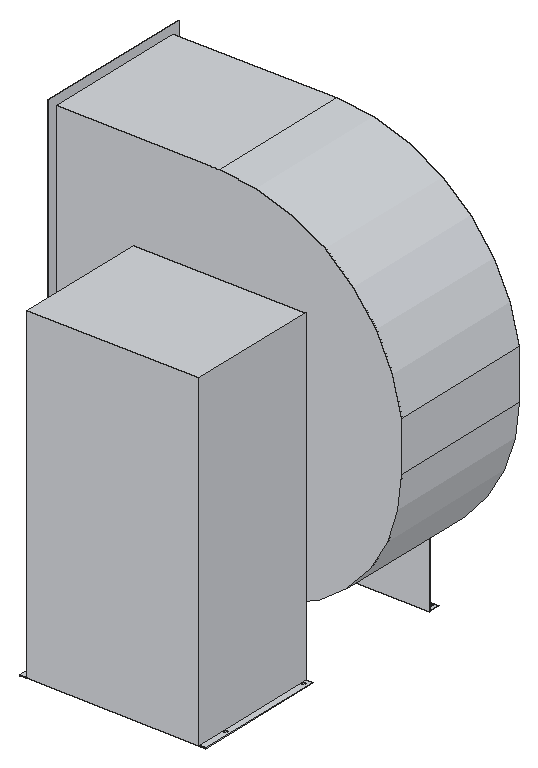
Revit family "CPA-A", category Mechanical Equipment, Revit 2019
Family settings
  Round Connector Dimension = Use Radius
  Part Type = Normal
  Work Plane-Based = No
  Always vertical = Yes
  Cut with Voids When Loaded = No
  Shared = No
  Room Calculation Point = No
Parameters (values of type "490-CPA-A")
  Z = 20 3/8"
  Y = 22 13/16"
  X = 57 7/8"
  W+M = W + M  # 34 3/16"
  W+1.5+K+L = W + 1 1/2" + K + L  # 73 1/2"
  W+1.5 = W + 1 1/2"  # 7 1/2"
  W = 6"
  V = 22"
  Unit Weight [instance] = ""
  UNCHECK = not(CHECK)  # no
  UBD_CW [instance] = if(CW, (if(UBD, CHECK, UNCHECK)), UNCHECK)  # no
  UBD_CCW [instance] = if(CCW, (if(UBD, CHECK, UNCHECK)), UNCHECK)  # no
  UBD [instance] = no
  U-.125 = U - 1/8"  # 2"
  U = 2 1/8"
  THD_CW [instance] = if(CW, (if(THD, CHECK, UNCHECK)), UNCHECK)  # no
  THD_CCW [instance] = if(CCW, (if(THD, CHECK, UNCHECK)), UNCHECK)  # yes
  THD [instance] = yes
  TAU_CW [instance] = if(CW, (if(TAU, CHECK, UNCHECK)), UNCHECK)  # no
  TAU_CCW [instance] = if(CCW, (if(TAU, CHECK, UNCHECK)), UNCHECK)  # no
  TAU [instance] = no
  TAD_CW [instance] = if(CW, (if(TAD, CHECK, UNCHECK)), UNCHECK)  # no
  TAD_CCW [instance] = if(CCW, (if(TAD, CHECK, UNCHECK)), UNCHECK)  # no
  TAD [instance] = no
  T = 1"
  Sones [instance] = ""
  S/2 = S / 2  # 13/32"
  S = 13/16"
  R = 2 7/16"
  Q = 5"
  P-U = P - U  # 109 3/8"
  P = 111 1/2"
  N = 40 3/16"
  Motor RPM [instance] = ""
  Motor Enclosure [instance] = ""
  ModelID [instance] = ""
  M = 28 3/16"
  LwA [instance] = ""
  L = 41"
  K = 25"
  J = 41 5/8"
  H = 84 1/4"
  G-V = G - V  # 1 13/16"
  G = 23 13/16"
  Fan RPM [instance] = ""
  F-.125 = F - 1/8"  # 42 1/16"
  F = 42 3/16"
  E-F = E - F  # 46 9/16"
  E = 88 3/4"
  DBD_CW [instance] = if(CW, (if(DBD, CHECK, UNCHECK)), UNCHECK)  # no
  DBD_CCW [instance] = if(CCW, (if(DBD, CHECK, UNCHECK)), UNCHECK)  # no
  DBD [instance] = no
  D = 56 1/4"
  CW [instance] = no
  CLASS = 1"
  CHECK = yes
  CCW [instance] = not(CW)  # yes
  C/8*7 = C / 8 * 2.5  # 17 3/16"
  C/8 = C / 6  # 9.16667"
  C/2 = C / 2  # 27 1/2"
  C = 55"
  Brake Hp [instance] = ""
  BHD_CW [instance] = if(CW, (if(BHD, CHECK, UNCHECK)), UNCHECK)  # no
  BHD_CCW [instance] = if(CCW, (if(BHD, CHECK, UNCHECK)), UNCHECK)  # no
  BHD [instance] = no
  BAU_CW [instance] = if(CW, (if(BAU, CHECK, UNCHECK)), UNCHECK)  # no
  BAU_CCW [instance] = if(CCW, (if(BAU, CHECK, UNCHECK)), UNCHECK)  # no
  BAU [instance] = no
  BAD_CW [instance] = if(CW, (if(BAD, CHECK, UNCHECK)), UNCHECK)  # no
  BAD_CCW [instance] = if(CCW, (if(BAD, CHECK, UNCHECK)), UNCHECK)  # no
  BAD [instance] = no
  B = 53 5/8"
  Accessories [instance] = ""
  A+.25 = A + 1/4"  # 37 7/16"
  A = 37 3/16"
  CUT = 4"
  3" = 3"  # constant formula
  1'8" = 20"  # constant formula
  0 = 0"  # constant formula
  Voltage [instance] = 0 V
  URL = "www.lorencook.com"
  Type Comments = "Airfoil Blade Centrifugal Blower Arrangement 10"
  Static Pressure [instance] = 0.00 in-wg
  Power [instance] = Voltage * Motor FLA * sqrt(if(Phase = 3, 3, 1))  # 0 VA
  Phase [instance] = 0
  Number of Poles [instance] = 1
  Motor Hp [instance] = "0"
  Motor FLA [instance] = 0 A
  Model = "CPA-A"
  Manufacturer = "Loren Cook Company"
  CFM [instance] = 0 CFM
  1.5 = 1 1/2"  # constant formula
  ONE EIGTH = 1/8"  # constant formula
  -1.5 = -1 1/2"  # constant formula
  -.125 = -1/8"  # constant formula
  -(A+.25) = -(A + 1/4")  # -37 7/16"
  (C/2)-1.5 = (C / 2) - 1 1/2"  # 26"
  (C/2)-.25 = (C / 2) - 1/4"  # 27 1/4"
Types (17): name | Z | Y | X | W+M | W+1.5+K+L | W+1.5 | W | V | U-.125 | U | THD_CW | THD_CCW | T | S/2 | S | R | Q | P-U | P | N | M | L | K | J | H | G-V | G | F-.125 | F | E-F | E | D | CW | CCW | C/8*7 | C/8 | C/2 | C | B | A+.25 | A | CUT | Type Comments | Model | -(A+.25) | (C/2)-1.5 | (C/2)-.25
  (no name) | 20 3/8" | 22 13/16" | 57 7/8" | 34 3/16" | 73 1/2" | 7 1/2" | 6" | 22" | 2" | 2 1/8" | no | yes | 1" | 13/32" | 13/16" | 2 7/16" | 5" | 109 3/8" | 111 1/2" | 40 3/16" | 28 3/16" | 41" | 25" | 41 5/8" | 84 1/4" | 1 13/16" | 23 13/16" | 42 1/16" | 42 3/16" | 46 9/16" | 88 3/4" | 56 1/4" | no | yes | 17 3/16" | 9.16667" | 27 1/2" | 55" | 53 5/8" | 37 7/16" | 37 3/16" | 4" | "Airfoil Blade Centrifugal Blower Arrangement 10" | "CPA-A" | -37 7/16" | 26" | 27 1/4"
  135-CPA-A | 6" | 8 5/8" | 17 15/16" | 19 1/8" | 30 1/2" | 5 1/2" | 4" | 8" | 1 1/2" | 1 5/8" | yes | no | 3/4" | 9/32" | 9/16" | 1" | 3" | 32 9/16" | 34 3/16" | 12 1/8" | 15 1/8" | 13" | 12" | 13 1/2" | 27" | 1 3/8" | 9 3/8" | 13 3/4" | 13 7/8" | 12 13/16" | 26 11/16" | 18" | yes | no | 5 65/128" | 2 15/16" | 8 13/16" | 17 5/8" | 14 3/4" | 10 9/16" | 10 5/16" | 2" | "Steel Flat Blade Centrifugal Blower Arrangement 10 Class 1" | "CPS_CLASS_1" | -10 9/16" | 7 5/16" | 8 9/16"
  150-CPA-A | 6 9/16" | 8 5/8" | 19 5/8" | 19 1/8" | 31 5/8" | 5 1/2" | 4" | 8" | 1 1/2" | 1 5/8" | yes | no | 3/4" | 9/32" | 9/16" | 1" | 3" | 35 1/2" | 37 1/8" | 13 1/4" | 15 1/8" | 14 1/8" | 12" | 14 5/8" | 29 1/16" | 1 3/8" | 9 3/8" | 15 3/16" | 15 5/16" | 14 1/4" | 29 9/16" | 19 1/16" | yes | no | 5 125/128" | 3 3/16" | 9 9/16" | 19 1/8" | 16 7/16" | 11 11/16" | 11 7/16" | 2" | "Steel Flat Blade Centrifugal Blower Arrangement 10 Class 1" | "CPS_CLASS_1" | -11 11/16" | 8 1/16" | 9 5/16"
  165-CPA-A | 7 3/16" | 8 5/8" | 21 1/4" | 19 1/8" | 32 13/16" | 5 1/2" | 4" | 8" | 1 1/2" | 1 5/8" | yes | no | 3/4" | 9/32" | 9/16" | 1" | 3" | 38 1/4" | 39 7/8" | 14 7/16" | 15 1/8" | 15 5/16" | 12" | 15 13/16" | 31 7/16" | 1 3/8" | 9 3/8" | 16 1/4" | 16 3/8" | 15 11/16" | 32 1/16" | 20 7/16" | yes | no | 6 159/256" | 3 17/32" | 10 19/32" | 21 3/16" | 18 1/16" | 12 7/8" | 12 5/8" | 2" | "Steel Flat Blade Centrifugal Blower Arrangement 10 Class 1" | "CPS_CLASS_1" | -12 7/8" | 9 3/32" | 10 11/32"
  180-CPA-A | 7 3/4" | 9 5/8" | 22 7/8" | 19 1/8" | 33 15/16" | 5 1/2" | 4" | 9" | 1 1/2" | 1 5/8" | yes | no | 3/4" | 9/32" | 9/16" | 1 3/16" | 3" | 41 1/2" | 43 1/8" | 15 9/16" | 15 1/8" | 16 7/16" | 12" | 16 15/16" | 33 9/16" | 1 3/8" | 10 3/8" | 17 1/2" | 17 5/8" | 17 1/8" | 34 3/4" | 22 1/16" | yes | no | 7 23/256" | 3 25/32" | 11 11/32" | 22 11/16" | 19 11/16" | 14" | 13 3/4" | 2" | "Steel Flat Blade Centrifugal Blower Arrangement 10 Class 1" | "CPS_CLASS_1" | -14" | 9 27/32" | 11 3/32"
  195-CPA-A | 8 5/16" | 9 5/8" | 24 1/2" | 22 1/8" | 38 1/8" | 5 1/2" | 4" | 9" | 1 1/2" | 1 5/8" | yes | no | 3/4" | 9/32" | 9/16" | 1 3/16" | 3" | 44 3/4" | 46 3/8" | 16 3/4" | 18 1/8" | 17 5/8" | 15" | 18 3/16" | 35 11/16" | 1 3/8" | 10 3/8" | 17 11/16" | 17 13/16" | 18 1/2" | 36 5/16" | 23 11/16" | yes | no | 7 143/256" | 4 1/32" | 12 3/32" | 24 3/16" | 21 5/16" | 15 3/16" | 14 15/16" | 2" | "Steel Flat Blade Centrifugal Blower Arrangement 10 Class 1" | "CPS_CLASS_1" | -15 3/16" | 10 19/32" | 11 27/32"
  210-CPA-A | 8 7/8" | 10 5/8" | 26 3/16" | 23 1/8" | 40 1/4" | 6 1/2" | 5" | 10" | 1 1/2" | 1 5/8" | yes | no | 3/4" | 9/32" | 9/16" | 1 7/16" | 4" | 48 1/8" | 49 3/4" | 17 7/8" | 18 1/8" | 18 3/4" | 15" | 19 5/16" | 38 7/8" | 1 3/8" | 11 3/8" | 19 7/8" | 20" | 19 15/16" | 39 15/16" | 25 3/8" | yes | no | 8 27/256" | 4.32292" | 12 31/32" | 25 15/16" | 23" | 16 5/16" | 16 1/16" | 2" | "Steel Flat Blade Centrifugal Blower Arrangement 10 Class 1" | "CPS_CLASS_1" | -16 5/16" | 11 15/32" | 12 23/32"
  225-CPA-A | 9 7/16" | 11 1/8" | 27 13/16" | 23 1/8" | 41 3/8" | 6 1/2" | 5" | 10 1/2" | 1 1/2" | 1 5/8" | yes | no | 3/4" | 9/32" | 9/16" | 1 7/16" | 4" | 51 3/8" | 53" | 19" | 18 1/8" | 19 7/8" | 15" | 20 7/16" | 41" | 1 3/8" | 11 7/8" | 20 1/2" | 20 5/8" | 21 3/8" | 42" | 27" | yes | no | 8 147/256" | 4.57292" | 13 23/32" | 27 7/16" | 24 5/8" | 17 7/16" | 17 3/16" | 2" | "Steel Flat Blade Centrifugal Blower Arrangement 10 Class 1" | "CPS_CLASS_1" | -17 7/16" | 12 7/32" | 13 15/32"
  245-CPA-A | 10 1/2" | 12 3/8" | 31" | 23 1/8" | 43 3/16" | 6 1/2" | 5" | 11 1/2" | 2" | 2 1/8" | yes | no | 1" | 11/32" | 11/16" | 1 11/16" | 4" | 56 1/8" | 58 1/4" | 21 1/16" | 18 1/8" | 21 11/16" | 15" | 23" | 44 5/8" | 1 7/8" | 13 3/8" | 21 5/8" | 21 3/4" | 23 5/16" | 45 1/16" | 29 5/8" | yes | no | 9 51/256" | 4 29/32" | 14 23/32" | 29 7/16" | 26 13/16" | 19" | 18 3/4" | 2" | "Steel Flat Blade Centrifugal Blower Arrangement 10 Class 1" | "CPS_CLASS_1" | -19" | 13 7/32" | 14 15/32"
  270-CPA-A | 11 7/16" | 13 3/8" | 33 3/4" | 26 1/8" | 48 1/16" | 6 1/2" | 5" | 12 1/2" | 2" | 2 1/8" | yes | no | 1" | 11/32" | 11/16" | 1 11/16" | 4" | 61 5/8" | 63 3/4" | 22 15/16" | 21 1/8" | 23 9/16" | 18" | 24 7/8" | 48 7/8" | 1 7/8" | 14 3/8" | 23 1/4" | 23 3/8" | 25 11/16" | 49 1/16" | 32 3/8" | yes | no | 9 251/256" | 5.32292" | 15 31/32" | 31 15/16" | 29 9/16" | 20 7/8" | 20 5/8" | 2 1/4" | "Steel Flat Blade Centrifugal Blower Arrangement 10 Class 1" | "CPS_CLASS_1" | -20 7/8" | 14 15/32" | 15 23/32"
  300-CPA-A | 12 5/8" | 14 5/16" | 37" | 26 3/16" | 50 1/2" | 6 1/2" | 5" | 13 1/2" | 2" | 2 1/8" | yes | no | 1" | 11/32" | 11/16" | 1 15/16" | 4" | 69 1/8" | 71 1/4" | 25 5/16" | 21 3/16" | 26" | 18" | 27 3/16" | 53 5/8" | 1 13/16" | 15 5/16" | 25 3/4" | 25 7/8" | 28 1/2" | 54 3/8" | 35 5/8" | yes | no | 10 235/256" | 5.82292" | 17 15/32" | 34 15/16" | 32 13/16" | 23 3/16" | 22 15/16" | 2 1/2" | "Steel Flat Blade Centrifugal Blower Arrangement 10 Class 1" | "CPS_CLASS_1" | -23 3/16" | 15 31/32" | 17 7/32"
  330-CPA-A | 13 3/4" | 15 13/16" | 40 5/16" | 26 3/16" | 52 13/16" | 6 1/2" | 5" | 15" | 2" | 2 1/8" | yes | no | 1" | 13/32" | 13/16" | 1 15/16" | 4" | 74 5/8" | 76 3/4" | 27 5/8" | 21 3/16" | 28 5/16" | 18" | 29 7/16" | 58 3/8" | 1 13/16" | 16 13/16" | 28 5/16" | 28 7/16" | 31 3/8" | 59 13/16" | 38 7/8" | yes | no | 11 219/256" | 6.32292" | 18 31/32" | 37 15/16" | 36 1/8" | 25 1/2" | 25 1/4" | 2 3/4" | "Steel Flat Blade Centrifugal Blower Arrangement 10 Class 1" | "CPS_CLASS_1" | -25 1/2" | 17 15/32" | 18 23/32"
  365-CPA-A | 15 1/16" | 16 13/16" | 44 3/16" | 30 3/16" | 59 7/16" | 7 1/2" | 6" | 16" | 2" | 2 1/8" | yes | no | 1" | 13/32" | 13/16" | 2 3/16" | 5" | 82 3/8" | 84 1/2" | 30 1/4" | 24 3/16" | 30 15/16" | 21" | 32 1/16" | 64 1/4" | 1 13/16" | 17 13/16" | 31 5/16" | 31 7/16" | 34 11/16" | 66 1/8" | 42 3/4" | yes | no | 12 243/256" | 6 29/32" | 20 23/32" | 41 7/16" | 39 15/16" | 28 1/8" | 27 7/8" | 3" | "Steel Flat Blade Centrifugal Blower Arrangement 10 Class 1" | "CPS_CLASS_1" | -28 1/8" | 19 7/32" | 20 15/32"
  402-CPA-A | 17" | 18 13/16" | 48 5/16" | 30 3/16" | 62 13/16" | 7 1/2" | 6" | 18" | 2" | 2 1/8" | yes | no | 1" | 13/32" | 13/16" | 2 3/16" | 5" | 90 3/8" | 92 1/2" | 34 1/8" | 24 3/16" | 34 5/16" | 21" | 34 15/16" | 70 1/4" | 1 13/16" | 19 13/16" | 34 9/16" | 34 11/16" | 38 1/4" | 72 15/16" | 46 3/4" | yes | no | 14 31/256" | 7 17/32" | 22 19/32" | 45 3/16" | 44 1/16" | 31" | 30 3/4" | 3 1/4" | "Steel Flat Blade Centrifugal Blower Arrangement 10 Class 1" | "CPS_CLASS_1" | -31" | 21 3/32" | 22 11/32"
  445-CPA-A | 18 5/8" | 20 13/16" | 52 15/16" | 34 3/16" | 70 1/16" | 7 1/2" | 6" | 20" | 2" | 2 1/8" | yes | no | 1" | 13/32" | 13/16" | 2 7/16" | 5" | 99 5/8" | 101 3/4" | 37 3/8" | 28 3/16" | 37 9/16" | 25" | 38 3/16" | 76 7/8" | 1 13/16" | 21 13/16" | 38 3/16" | 38 5/16" | 42 1/4" | 80 9/16" | 51 3/8" | yes | no | 15 115/256" | 8.23958" | 24 23/32" | 49 7/16" | 48 11/16" | 34 1/4" | 34" | 3 1/2" | "Aluminum Flat Blade Centrifugal Blower Arrangement 10" | "CPS-A" | -34 1/4" | 23 7/32" | 24 15/32"
  490-CPA-A | 20 3/8" | 22 13/16" | 57 7/8" | 34 3/16" | 73 1/2" | 7 1/2" | 6" | 22" | 2" | 2 1/8" | no | yes | 1" | 13/32" | 13/16" | 2 7/16" | 5" | 109 3/8" | 111 1/2" | 40 3/16" | 28 3/16" | 41" | 25" | 41 5/8" | 84 1/4" | 1 13/16" | 23 13/16" | 42 1/16" | 42 3/16" | 46 9/16" | 88 3/4" | 56 1/4" | no | yes | 17 3/16" | 9.16667" | 27 1/2" | 55" | 53 5/8" | 37 7/16" | 37 3/16" | 4" | "Airfoil Blade Centrifugal Blower Arrangement 10" | "CPA-A" | -37 7/16" | 26" | 27 1/4"
  120-CPA-A | 5 7/16" | 8 5/8" | 16 5/16" | 17 1/8" | 27 3/8" | 5 1/2" | 4" | 8" | 1 1/2" | 1 5/8" | yes | no | 3/4" | 9/32" | 9/16" | 1" | 3" | 30 15/16" | 32 9/16" | 11" | 13 1/8" | 11 7/8" | 10" | 12 3/8" | 26 1/4" | 1 3/8" | 9 3/8" | 13 1/4" | 13 3/8" | 11 7/16" | 24 13/16" | 18" | yes | no | 5 5/128" | 2 11/16" | 8 1/16" | 16 1/8" | 13 1/8" | 9 7/16" | 9 3/16" | 2 1/2" | "Steel Flat Blade Centrifugal Blower Arrangement 10 Class 1" | "CPS_CLASS_1" | -9 7/16" | 6 9/16" | 7 13/16"
Reference planes (in)
  plane 1 "Center (Front/Back)": y = 0
  plane 2: z = 0
  plane 3 "Center (Left/Right)": x = 0.40541
  plane 4: z = 56.25
Forms (in)
  Extrusion 1, solid
    sketch origin (0, 0, 0) x (1, 0, 0) y (0, 1, 0)
      loop
        line (-21.59459, 0) -> (-21.59459, -34.1875) -> (22.40541, -34.1875) -> (22.40541, 0) -> (-21.59459, 0)
    from 0 to 84.25 <- "H"
  Extrusion 2, solid
    sketch origin (0, 0, 0) x (1, 0, 0) y (0, 1, 0)
      loop
        line (-21.59459, 0) -> (-23.40709, 0) -> (-23.40709, -34.1875) -> (-21.59459, -34.1875) -> (-21.59459, 0)
      loop
        line (22.40541, 0) -> (22.40541, -34.1875) -> (24.21791, -34.1875) -> (24.21791, 0) -> (22.40541, 0)
    from 0 to 0.125 <- "ONE EIGTH"
  Extrusion 3, solid
    sketch origin (0, 0, 0) x (1, 0, 0) y (0, 1, 0)
      loop
        line (-23.40709, 40.1875) -> (-23.40709, 37.4375) -> (24.21791, 37.4375) -> (24.21791, 40.1875) -> (-23.40709, 40.1875)
    from 0 to 0.125 <- "ONE EIGTH"
  Extrusion 4, solid
    sketch origin (24.21791, 37.4375, 0) x (-1, 0, 0) y (0, 0, -1)
      loop
        line (47.625, 0) -> (0, 0) -> (0, -56.25) -> (47.625, -56.25) -> (47.625, 0)
    from 0 to 0.125 <- "ONE EIGTH"
  Extrusion 5, void
    sketch origin (24.21791, 37.4375, 0) x (1, 0, 0) y (0, 0, -1)
      loop
        circle (-23.8125, -56.25) r 27.5
    from -0.125 <- "-.125" to 0 <- "0"
  Extrusion 6, void
    sketch origin (0, 0, 0) x (1, 0, 0) y (0, 1, 0)
      loop
        circle (23.21791, -1.6875) r 0.40625
      loop
        circle (23.21791, -26.6875) r 0.40625
      loop
        circle (-22.40709, -26.6875) r 0.40625
      loop
        circle (-22.40709, -1.6875) r 0.40625
    from -12 to 12
  Extrusion 7, void
    sketch origin (0, 0, 0) x (1, 0, 0) y (0, 1, 0)
      loop
        circle (23.21791, 39.3125) r 0.40625
      loop
        circle (-22.40709, 39.3125) r 0.40625
    from -0.125 <- "-.125" to 0.125 <- "ONE EIGTH"
  Extrusion 8, solid
    sketch origin (24.21791, 37.3125, 0) x (-1, 0, 0) y (0, 0, -1)
      loop
        circle (23.8125, -56.25) r 27.5
      loop
        circle (23.8125, -56.25) r 27.25
    from 0 to -1.5 <- "-1.5"
Cuts and joins
  Extrusion 5, Extrusion 7 cuts Extrusion 4
  Extrusion 6 cuts Extrusion 1
  Extrusion 6 cuts Extrusion 2
  Extrusion 7 cuts Extrusion 3
Lines and regions (in)
  reference lines, not visible
    curve 1: line (0.40541, 57, 56.25) -> (0.40541, -58, 56.25)
Dimensions and locks (in)
  "0": Extrusion 1 sketch curve to plane 1 "Center (Front/Back)"
  "W+M": plane 1 "Center (Front/Back)" to Extrusion 1 sketch curve
  "V": plane 3 "Center (Left/Right)" to Extrusion 1 sketch curve
  "V": Extrusion 1 sketch curve to plane 3 "Center (Left/Right)"
  "0": Extrusion 2 sketch curve to plane 1 "Center (Front/Back)"  (x2)
  "0": Extrusion 1 to Extrusion 2 sketch curve  (x2)
  "0": Extrusion 2 sketch curve to Extrusion 1  (x2)
  "G-V": Extrusion 2 sketch curve to Extrusion 2 sketch curve  (x2)
  "N": plane 1 "Center (Front/Back)" to Extrusion 3 sketch curve
  "A+.25": Extrusion 3 sketch curve to plane 1 "Center (Front/Back)"
  "0": Extrusion 2 to Extrusion 3 sketch curve  (x2)
  "0": Extrusion 1 to Extrusion 4 sketch curve
  "D": Extrusion 4 sketch curve to Extrusion 4 sketch curve
  "0": Extrusion 4 sketch curve to Extrusion 2  (x2)
  "D": Extrusion 1 to Extrusion 5 sketch curve
  "V": Extrusion 1 to Extrusion 5 sketch curve
  "Y": plane 3 "Center (Left/Right)" to Extrusion 6 sketch curve  (x2)
  "Y": Extrusion 6 sketch curve to plane 3 "Center (Left/Right)"  (x2)
  "W+1.5": Extrusion 1 to Extrusion 6 sketch curve  (x2)
  "K": Extrusion 6 sketch curve to Extrusion 6 sketch curve  (x2)
  "W+1.5+K+L": cut or joined group of Extrusion 1, Extrusion 6 to Extrusion 7 sketch curve  (x2)
  "V": cut or joined group of Extrusion 1, Extrusion 6 to Extrusion 8 sketch curve  (x2)
  "D": Extrusion 8 sketch curve to cut or joined group of Extrusion 1, Extrusion 6  (x2)
  "T": Extrusion 7 sketch curve to cut or joined group of Extrusion 3, Extrusion 7
  "T": cut or joined group of Extrusion 3, Extrusion 7 to Extrusion 7 sketch curve
  "D": plane 4 to level
  "C/2": radius of Extrusion 5 sketch curve
  "S/2": radius of Extrusion 6 sketch curve  (x4)
  "S/2": radius of Extrusion 7 sketch curve  (x2)
  "C/2": radius of Extrusion 8 sketch curve
  "(C/2)-.25": radius of Extrusion 8 sketch curve
  aligned and locked: nested 1 to plane 1 "Center (Front/Back)"
  aligned and locked: curve 1 to plane 4
  aligned and locked: plane 3 "Center (Left/Right)" to nested 8
  aligned and locked: nested 8 to plane 4
  aligned and locked: plane 3 "Center (Left/Right)" to nested 3
  aligned and locked: nested 3 to nested 8
  aligned and locked: nested 8 to nested 7
  aligned and locked: nested 7 to plane 3 "Center (Left/Right)"
  aligned and locked: nested 5 to nested 8
  aligned and locked: nested 5 to plane 3 "Center (Left/Right)"
  aligned and locked: nested 1 to nested 8
  aligned and locked: nested 1 to nested 7
  aligned and locked: nested 2 to nested 1
  aligned and locked: nested 2 to nested 3
  aligned and locked: nested 2 to nested 5
  aligned and locked: nested 2 to nested 4
  aligned and locked: nested 1 to nested 6
  aligned and locked: plane 1 "Center (Front/Back)" to nested 12
  aligned and locked: nested 11 to plane 1 "Center (Front/Back)"
  aligned and locked: plane 1 "Center (Front/Back)" to nested 10
  aligned and locked: plane 1 "Center (Front/Back)" to nested 16
  aligned and locked: plane 1 "Center (Front/Back)" to nested 15
  aligned and locked: plane 1 "Center (Front/Back)" to nested 9
  aligned and locked: plane 1 "Center (Front/Back)" to nested 14
  aligned and locked: plane 1 "Center (Front/Back)" to nested 13
  aligned and locked: nested 12 to plane 4
  aligned and locked: plane 3 "Center (Left/Right)" to nested 12
  aligned and locked: nested 12 to nested 13
  aligned and locked: nested 13 to plane 3 "Center (Left/Right)"
  aligned and locked: nested 16 to nested 12
  aligned and locked: plane 3 "Center (Left/Right)" to nested 16
  aligned and locked: nested 9 to nested 12
  aligned and locked: nested 9 to plane 3 "Center (Left/Right)"
  aligned and locked: nested 15 to curve 1  (x2)
  aligned and locked: nested 1 to curve 1  (x2)
  aligned and locked: nested 2 to curve 1  (x2)
  aligned and locked: nested 4 to curve 1  (x2)
  aligned and locked: nested 6 to curve 1  (x2)
  aligned and locked: nested 14 to curve 1  (x2)
  aligned and locked: nested 10 to curve 1  (x2)
  aligned and locked: nested 11 to curve 1  (x2)
Automatic sketch dimensions
  plane 1 "Center (Front/Back)" to curve 1 = 58"
  curve 1 to plane 1 "Center (Front/Back)" = 57"
Nested families (in)
  nested 1: "CP_Scroll_Housing" at (-39.65601, 0, 16.76191) x (0.7071, 0, -0.7071) z (0.7071, 0, 0.7071), visible <- "TAD_CW", type "Scroll"
    with Voltage 0 V, Unit Weight "", Static Pressure 0.00 in-wg, Sones "", Power 0 VA, Phase 0, Number of Poles 1, Motor RPM "", Motor Hp "0", Motor FLA 0 A, Motor Enclosure "", ModelID "", LwA "", Fan RPM "", CFM 0 CFM, Brake Hp "", Accessories "", Z 20 3/8", Y 22 13/16", X 57 7/8", W+M 34 3/16", W+1.5+K+L 73 1/2", V 22", P-U 109 3/8", P 111 1/2", N 40 3/16", M 28 3/16", L 41", K 25", J 41 5/8", H 84 1/4", G 23 13/16", F-.125 42 1/16", F 42 3/16", E-F 46 9/16", E 88 3/4", D 56 1/4", CLASS 1", C/8*7 17 3/16", C/8 9.16667", C/2 27 1/2", C 55", B 53 5/8", A+.25 37 7/16", A 37 3/16", CUT 4", -(A+.25) -37 7/16", (E-F)90 41 29/32", (C/2)-1.5 26", (C/2)-.25 27 1/4"
  nested 2: "CP_Scroll_Housing" at (39.8935, 0, 16.18857) x (0.7071, 0, 0.7071) z (-0.7071, 0, 0.7071), visible <- "TAU_CW", type "Scroll"
    with Voltage 0 V, Unit Weight "", Static Pressure 0.00 in-wg, Sones "", Power 0 VA, Phase 0, Number of Poles 1, Motor RPM "", Motor Hp "0", Motor FLA 0 A, Motor Enclosure "", ModelID "", LwA "", Fan RPM "", CFM 0 CFM, Brake Hp "", Accessories "", Z 20 3/8", Y 22 13/16", X 57 7/8", W+M 34 3/16", W+1.5+K+L 73 1/2", V 22", P-U 109 3/8", P 111 1/2", N 40 3/16", M 28 3/16", L 41", K 25", J 41 5/8", H 84 1/4", G 23 13/16", F-.125 42 1/16", F 42 3/16", E-F 46 9/16", E 88 3/4", D 56 1/4", CLASS 1", C/8*7 17 3/16", C/8 9.16667", C/2 27 1/2", C 55", B 53 5/8", A+.25 37 7/16", A 37 3/16", CUT 4", -(A+.25) -37 7/16", (E-F)90 41 29/32", (C/2)-1.5 26", (C/2)-.25 27 1/4"
  nested 3: "CP_Scroll_Housing" at (56.65541, 0, 55.84459) x (0, 0, 1) z (-1, 0, 0), visible <- "UBD_CW", type "Scroll"
    with Voltage 0 V, Unit Weight "", Static Pressure 0.00 in-wg, Sones "", Power 0 VA, Phase 0, Number of Poles 1, Motor RPM "", Motor Hp "0", Motor FLA 0 A, Motor Enclosure "", ModelID "", LwA "", Fan RPM "", CFM 0 CFM, Brake Hp "", Accessories "", Z 20 3/8", Y 22 13/16", X 57 7/8", W+M 34 3/16", W+1.5+K+L 73 1/2", V 22", P-U 109 3/8", P 111 1/2", N 40 3/16", M 28 3/16", L 41", K 25", J 41 5/8", H 84 1/4", G 23 13/16", F-.125 42 1/16", F 42 3/16", E-F 46 9/16", E 88 3/4", D 56 1/4", CLASS 1", C/8*7 17 3/16", C/8 9.16667", C/2 27 1/2", C 55", B 53 5/8", A+.25 37 7/16", A 37 3/16", CUT 4", -(A+.25) -37 7/16", (E-F)90 41 29/32", (C/2)-1.5 26", (C/2)-.25 27 1/4"
  nested 4: "CP_Scroll_Housing" at (40.46684, 0, 95.73809) x (-0.7071, 0, 0.7071) z (-0.7071, 0, -0.7071), visible <- "BAU_CW", type "Scroll"
    with Voltage 0 V, Unit Weight "", Static Pressure 0.00 in-wg, Sones "", Power 0 VA, Phase 0, Number of Poles 1, Motor RPM "", Motor Hp "0", Motor FLA 0 A, Motor Enclosure "", ModelID "", LwA "", Fan RPM "", CFM 0 CFM, Brake Hp "", Accessories "", Z 20 3/8", Y 22 13/16", X 57 7/8", W+M 34 3/16", W+1.5+K+L 73 1/2", V 22", P-U 109 3/8", P 111 1/2", N 40 3/16", M 28 3/16", L 41", K 25", J 41 5/8", H 84 1/4", G 23 13/16", F-.125 42 1/16", F 42 3/16", E-F 46 9/16", E 88 3/4", D 56 1/4", CLASS 1", C/8*7 17 3/16", C/8 9.16667", C/2 27 1/2", C 55", B 53 5/8", A+.25 37 7/16", A 37 3/16", CUT 4", -(A+.25) -37 7/16", (E-F)90 41 29/32", (C/2)-1.5 26", (C/2)-.25 27 1/4"
  nested 5: "CP_Scroll_Housing" at (0.81082, 0, 112.5) x (-1, 0, 0) z (0, 0, -1), visible <- "BHD_CW", type "Scroll"
    with Voltage 0 V, Unit Weight "", Static Pressure 0.00 in-wg, Sones "", Power 0 VA, Phase 0, Number of Poles 1, Motor RPM "", Motor Hp "0", Motor FLA 0 A, Motor Enclosure "", ModelID "", LwA "", Fan RPM "", CFM 0 CFM, Brake Hp "", Accessories "", Z 20 3/8", Y 22 13/16", X 57 7/8", W+M 34 3/16", W+1.5+K+L 73 1/2", V 22", P-U 109 3/8", P 111 1/2", N 40 3/16", M 28 3/16", L 41", K 25", J 41 5/8", H 84 1/4", G 23 13/16", F-.125 42 1/16", F 42 3/16", E-F 46 9/16", E 88 3/4", D 56 1/4", CLASS 1", C/8*7 17 3/16", C/8 9.16667", C/2 27 1/2", C 55", B 53 5/8", A+.25 37 7/16", A 37 3/16", CUT 4", -(A+.25) -37 7/16", (E-F)90 41 29/32", (C/2)-1.5 26", (C/2)-.25 27 1/4"
  nested 6: "CP_Scroll_Housing" at (-39.08267, 0, 96.31143) x (-0.7071, 0, -0.7071) z (0.7071, 0, -0.7071), visible <- "BAD_CW", type "Scroll"
    with Voltage 0 V, Unit Weight "", Static Pressure 0.00 in-wg, Sones "", Power 0 VA, Phase 0, Number of Poles 1, Motor RPM "", Motor Hp "0", Motor FLA 0 A, Motor Enclosure "", ModelID "", LwA "", Fan RPM "", CFM 0 CFM, Brake Hp "", Accessories "", Z 20 3/8", Y 22 13/16", X 57 7/8", W+M 34 3/16", W+1.5+K+L 73 1/2", V 22", P-U 109 3/8", P 111 1/2", N 40 3/16", M 28 3/16", L 41", K 25", J 41 5/8", H 84 1/4", G 23 13/16", F-.125 42 1/16", F 42 3/16", E-F 46 9/16", E 88 3/4", D 56 1/4", CLASS 1", C/8*7 17 3/16", C/8 9.16667", C/2 27 1/2", C 55", B 53 5/8", A+.25 37 7/16", A 37 3/16", CUT 4", -(A+.25) -37 7/16", (E-F)90 41 29/32", (C/2)-1.5 26", (C/2)-.25 27 1/4"
  nested 7: "CP_Scroll_Housing" at (-55.84459, 0, 56.65541) x (0, 0, -1) z (1, 0, 0), visible <- "DBD_CW", type "Scroll"
    with Voltage 0 V, Unit Weight "", Static Pressure 0.00 in-wg, Sones "", Power 0 VA, Phase 0, Number of Poles 1, Motor RPM "", Motor Hp "0", Motor FLA 0 A, Motor Enclosure "", ModelID "", LwA "", Fan RPM "", CFM 0 CFM, Brake Hp "", Accessories "", Z 20 3/8", Y 22 13/16", X 57 7/8", W+M 34 3/16", W+1.5+K+L 73 1/2", V 22", P-U 109 3/8", P 111 1/2", N 40 3/16", M 28 3/16", L 41", K 25", J 41 5/8", H 84 1/4", G 23 13/16", F-.125 42 1/16", F 42 3/16", E-F 46 9/16", E 88 3/4", D 56 1/4", CLASS 1", C/8*7 17 3/16", C/8 9.16667", C/2 27 1/2", C 55", B 53 5/8", A+.25 37 7/16", A 37 3/16", CUT 4", -(A+.25) -37 7/16", (E-F)90 41 29/32", (C/2)-1.5 26", (C/2)-.25 27 1/4"
  nested 8: "CP_Scroll_Housing" at (0, 0, 0), visible <- "THD_CW", type "Scroll"
    with Voltage 0 V, Unit Weight "", Static Pressure 0.00 in-wg, Sones "", Power 0 VA, Phase 0, Number of Poles 1, Motor RPM "", Motor Hp "0", Motor FLA 0 A, Motor Enclosure "", ModelID "", LwA "", Fan RPM "", CFM 0 CFM, Brake Hp "", Accessories "", Z 20 3/8", Y 22 13/16", X 57 7/8", W+M 34 3/16", W+1.5+K+L 73 1/2", V 22", P-U 109 3/8", P 111 1/2", N 40 3/16", M 28 3/16", L 41", K 25", J 41 5/8", H 84 1/4", G 23 13/16", F-.125 42 1/16", F 42 3/16", E-F 46 9/16", E 88 3/4", D 56 1/4", CLASS 1", C/8*7 17 3/16", C/8 9.16667", C/2 27 1/2", C 55", B 53 5/8", A+.25 37 7/16", A 37 3/16", CUT 4", -(A+.25) -37 7/16", (E-F)90 41 29/32", (C/2)-1.5 26", (C/2)-.25 27 1/4"
  nested 9: "CP_Scroll_Housing" at (-55.84459, 37.4375, 55.84459) x (0, 0, 1) z (1, 0, 0), visible <- "UBD_CCW", type "Scroll"
    with Voltage 0 V, Unit Weight "", Static Pressure 0.00 in-wg, Sones "", Power 0 VA, Phase 0, Number of Poles 1, Motor RPM "", Motor Hp "0", Motor FLA 0 A, Motor Enclosure "", ModelID "", LwA "", Fan RPM "", CFM 0 CFM, Brake Hp "", Accessories "", Z 20 3/8", Y 22 13/16", X 57 7/8", W+M 34 3/16", W+1.5+K+L 73 1/2", V 22", P-U 109 3/8", P 111 1/2", N 40 3/16", M 28 3/16", L 41", K 25", J 41 5/8", H 84 1/4", G 23 13/16", F-.125 42 1/16", F 42 3/16", E-F 46 9/16", E 88 3/4", D 56 1/4", CLASS 1", C/8*7 17 3/16", C/8 9.16667", C/2 27 1/2", C 55", B 53 5/8", A+.25 37 7/16", A 37 3/16", CUT 4", -(A+.25) -37 7/16", (E-F)90 41 29/32", (C/2)-1.5 26", (C/2)-.25 27 1/4"
  nested 10: "CP_Scroll_Housing" at (39.8935, 37.4375, 96.31143) x (0.7071, 0, -0.7071) z (-0.7071, 0, -0.7071), visible <- "BAD_CCW", type "Scroll"
    with Voltage 0 V, Unit Weight "", Static Pressure 0.00 in-wg, Sones "", Power 0 VA, Phase 0, Number of Poles 1, Motor RPM "", Motor Hp "0", Motor FLA 0 A, Motor Enclosure "", ModelID "", LwA "", Fan RPM "", CFM 0 CFM, Brake Hp "", Accessories "", Z 20 3/8", Y 22 13/16", X 57 7/8", W+M 34 3/16", W+1.5+K+L 73 1/2", V 22", P-U 109 3/8", P 111 1/2", N 40 3/16", M 28 3/16", L 41", K 25", J 41 5/8", H 84 1/4", G 23 13/16", F-.125 42 1/16", F 42 3/16", E-F 46 9/16", E 88 3/4", D 56 1/4", CLASS 1", C/8*7 17 3/16", C/8 9.16667", C/2 27 1/2", C 55", B 53 5/8", A+.25 37 7/16", A 37 3/16", CUT 4", -(A+.25) -37 7/16", (E-F)90 41 29/32", (C/2)-1.5 26", (C/2)-.25 27 1/4"
  nested 11: "CP_Scroll_Housing" at (40.46684, 37.4375, 16.76191) x (-0.7071, 0, -0.7071) z (-0.7071, 0, 0.7071), visible <- "TAD_CCW", type "Scroll"
    with Voltage 0 V, Unit Weight "", Static Pressure 0.00 in-wg, Sones "", Power 0 VA, Phase 0, Number of Poles 1, Motor RPM "", Motor Hp "0", Motor FLA 0 A, Motor Enclosure "", ModelID "", LwA "", Fan RPM "", CFM 0 CFM, Brake Hp "", Accessories "", Z 20 3/8", Y 22 13/16", X 57 7/8", W+M 34 3/16", W+1.5+K+L 73 1/2", V 22", P-U 109 3/8", P 111 1/2", N 40 3/16", M 28 3/16", L 41", K 25", J 41 5/8", H 84 1/4", G 23 13/16", F-.125 42 1/16", F 42 3/16", E-F 46 9/16", E 88 3/4", D 56 1/4", CLASS 1", C/8*7 17 3/16", C/8 9.16667", C/2 27 1/2", C 55", B 53 5/8", A+.25 37 7/16", A 37 3/16", CUT 4", -(A+.25) -37 7/16", (E-F)90 41 29/32", (C/2)-1.5 26", (C/2)-.25 27 1/4"
  nested 12: "CP_Scroll_Housing" at (56.65541, 37.4375, 56.65541) x (0, 0, -1) z (-1, 0, 0), visible <- "DBD_CCW", type "Scroll"
    with Voltage 0 V, Unit Weight "", Static Pressure 0.00 in-wg, Sones "", Power 0 VA, Phase 0, Number of Poles 1, Motor RPM "", Motor Hp "0", Motor FLA 0 A, Motor Enclosure "", ModelID "", LwA "", Fan RPM "", CFM 0 CFM, Brake Hp "", Accessories "", Z 20 3/8", Y 22 13/16", X 57 7/8", W+M 34 3/16", W+1.5+K+L 73 1/2", V 22", P-U 109 3/8", P 111 1/2", N 40 3/16", M 28 3/16", L 41", K 25", J 41 5/8", H 84 1/4", G 23 13/16", F-.125 42 1/16", F 42 3/16", E-F 46 9/16", E 88 3/4", D 56 1/4", CLASS 1", C/8*7 17 3/16", C/8 9.16667", C/2 27 1/2", C 55", B 53 5/8", A+.25 37 7/16", A 37 3/16", CUT 4", -(A+.25) -37 7/16", (E-F)90 41 29/32", (C/2)-1.5 26", (C/2)-.25 27 1/4"
  nested 13: "CP_Scroll_Housing" at (0.81082, 37.4375, 0) x (-1, 0, 0) z (0, 0, 1), visible <- "THD_CCW", type "Scroll"
    with Voltage 0 V, Unit Weight "", Static Pressure 0.00 in-wg, Sones "", Power 0 VA, Phase 0, Number of Poles 1, Motor RPM "", Motor Hp "0", Motor FLA 0 A, Motor Enclosure "", ModelID "", LwA "", Fan RPM "", CFM 0 CFM, Brake Hp "", Accessories "", Z 20 3/8", Y 22 13/16", X 57 7/8", W+M 34 3/16", W+1.5+K+L 73 1/2", V 22", P-U 109 3/8", P 111 1/2", N 40 3/16", M 28 3/16", L 41", K 25", J 41 5/8", H 84 1/4", G 23 13/16", F-.125 42 1/16", F 42 3/16", E-F 46 9/16", E 88 3/4", D 56 1/4", CLASS 1", C/8*7 17 3/16", C/8 9.16667", C/2 27 1/2", C 55", B 53 5/8", A+.25 37 7/16", A 37 3/16", CUT 4", -(A+.25) -37 7/16", (E-F)90 41 29/32", (C/2)-1.5 26", (C/2)-.25 27 1/4"
  nested 14: "CP_Scroll_Housing" at (-39.08267, 37.4375, 16.18857) x (-0.7071, 0, 0.7071) z (0.7071, 0, 0.7071), visible <- "TAU_CCW", type "Scroll"
    with Voltage 0 V, Unit Weight "", Static Pressure 0.00 in-wg, Sones "", Power 0 VA, Phase 0, Number of Poles 1, Motor RPM "", Motor Hp "0", Motor FLA 0 A, Motor Enclosure "", ModelID "", LwA "", Fan RPM "", CFM 0 CFM, Brake Hp "", Accessories "", Z 20 3/8", Y 22 13/16", X 57 7/8", W+M 34 3/16", W+1.5+K+L 73 1/2", V 22", P-U 109 3/8", P 111 1/2", N 40 3/16", M 28 3/16", L 41", K 25", J 41 5/8", H 84 1/4", G 23 13/16", F-.125 42 1/16", F 42 3/16", E-F 46 9/16", E 88 3/4", D 56 1/4", CLASS 1", C/8*7 17 3/16", C/8 9.16667", C/2 27 1/2", C 55", B 53 5/8", A+.25 37 7/16", A 37 3/16", CUT 4", -(A+.25) -37 7/16", (E-F)90 41 29/32", (C/2)-1.5 26", (C/2)-.25 27 1/4"
  nested 15: "CP_Scroll_Housing" at (-39.65601, 37.4375, 95.73809) x (0.7071, 0, 0.7071) z (0.7071, 0, -0.7071), visible <- "BAU_CCW", type "Scroll"
    with Voltage 0 V, Unit Weight "", Static Pressure 0.00 in-wg, Sones "", Power 0 VA, Phase 0, Number of Poles 1, Motor RPM "", Motor Hp "0", Motor FLA 0 A, Motor Enclosure "", ModelID "", LwA "", Fan RPM "", CFM 0 CFM, Brake Hp "", Accessories "", Z 20 3/8", Y 22 13/16", X 57 7/8", W+M 34 3/16", W+1.5+K+L 73 1/2", V 22", P-U 109 3/8", P 111 1/2", N 40 3/16", M 28 3/16", L 41", K 25", J 41 5/8", H 84 1/4", G 23 13/16", F-.125 42 1/16", F 42 3/16", E-F 46 9/16", E 88 3/4", D 56 1/4", CLASS 1", C/8*7 17 3/16", C/8 9.16667", C/2 27 1/2", C 55", B 53 5/8", A+.25 37 7/16", A 37 3/16", CUT 4", -(A+.25) -37 7/16", (E-F)90 41 29/32", (C/2)-1.5 26", (C/2)-.25 27 1/4"
  nested 16: "CP_Scroll_Housing" at (0, 37.4375, 112.5) x (1, 0, 0) z (0, 0, -1), visible <- "BHD_CCW", type "Scroll"
    with Voltage 0 V, Unit Weight "", Static Pressure 0.00 in-wg, Sones "", Power 0 VA, Phase 0, Number of Poles 1, Motor RPM "", Motor Hp "0", Motor FLA 0 A, Motor Enclosure "", ModelID "", LwA "", Fan RPM "", CFM 0 CFM, Brake Hp "", Accessories "", Z 20 3/8", Y 22 13/16", X 57 7/8", W+M 34 3/16", W+1.5+K+L 73 1/2", V 22", P-U 109 3/8", P 111 1/2", N 40 3/16", M 28 3/16", L 41", K 25", J 41 5/8", H 84 1/4", G 23 13/16", F-.125 42 1/16", F 42 3/16", E-F 46 9/16", E 88 3/4", D 56 1/4", CLASS 1", C/8*7 17 3/16", C/8 9.16667", C/2 27 1/2", C 55", B 53 5/8", A+.25 37 7/16", A 37 3/16", CUT 4", -(A+.25) -37 7/16", (E-F)90 41 29/32", (C/2)-1.5 26", (C/2)-.25 27 1/4"
Connectors (in)
  electrical at (-21.59459, -17.09375, 42.125)
    settings: on cut or joined group of Extrusion 1, Extrusion 6, index 3, voltage 0 V, apparent load 0 VA, apparent load phase1 0 VA, apparent load phase2 0 VA, apparent load phase3 0 VA, power factor 1, load classification "Other", number of poles 1, system type 30, power factor state 1, is connector primary yes, connector utility no, sub classification motor no, connector description ""
  hvac at (42.59291, 18.8125, 82.5625), driven by "CFM", driven by "B", driven by "A"
    settings: on nested 8, index 4, duct flow 0 CFM, flow factor 0, pres drop 0.00 in-wg, loss coef 0, conn angle 0.00°, conn width 37 3/16", conn height 53 5/8", conn diameter 24", duct sys type 29, conn prof type 1, flow config 0, flow direction 2, loss method 0, conn ref index -1, conn util no, is conn primary yes, conn desc ""
  hvac at (11.54234, 18.8125, 104.59843), driven by "CFM", driven by "A", driven by "B"
    settings: on nested 2, index 5, duct flow 0 CFM, flow factor 0, pres drop 0.00 in-wg, loss coef 0, conn angle 0.00°, conn width 53 5/8", conn height 37 3/16", conn diameter 24", duct sys type 29, conn prof type 1, flow config 0, flow direction 2, loss method 0, conn ref index -1, conn util no, is conn primary no, conn desc ""
  hvac at (-25.90709, 18.8125, 98.3125), driven by "CFM", driven by "A", driven by "B"
    settings: on nested 3, index 6, duct flow 0 CFM, flow factor 0, pres drop 0.00 in-wg, loss coef 0, conn angle 0.00°, conn width 53 5/8", conn height 37 3/16", conn diameter 24", duct sys type 29, conn prof type 1, flow config 0, flow direction 2, loss method 0, conn ref index -1, conn util no, is conn primary no, conn desc ""
  hvac at (-48.0314, 18.8125, 67.47532), driven by "CFM", driven by "A", driven by "B"
    settings: on nested 4, index 7, duct flow 0 CFM, flow factor 0, pres drop 0.00 in-wg, loss coef 0, conn angle 0.00°, conn width 53 5/8", conn height 37 3/16", conn diameter 24", duct sys type 29, conn prof type 1, flow config 0, flow direction 2, loss method 0, conn ref index -1, conn util no, is conn primary no, conn desc ""
  hvac at (-41.65709, 18.8125, 29.9375), driven by "CFM", driven by "B", driven by "A"
    settings: on nested 5, index 8, duct flow 0 CFM, flow factor 0, pres drop 0.00 in-wg, loss coef 0, conn angle 0.00°, conn width 37 3/16", conn height 53 5/8", conn diameter 24", duct sys type 29, conn prof type 1, flow config 0, flow direction 2, loss method 0, conn ref index -1, conn util no, is conn primary no, conn desc ""
  hvac at (26.71791, 18.8125, 14.1875), driven by "CFM", driven by "A", driven by "B"
    settings: on nested 7, index 9, duct flow 0 CFM, flow factor 0, pres drop 0.00 in-wg, loss coef 0, conn angle 0.00°, conn width 53 5/8", conn height 37 3/16", conn diameter 24", duct sys type 29, conn prof type 1, flow config 0, flow direction 2, loss method 0, conn ref index -1, conn util no, is conn primary no, conn desc ""
  hvac at (48.75384, 18.8125, 45.11307), driven by "CFM", driven by "A", driven by "B"
    settings: on nested 1, index 10, duct flow 0 CFM, flow factor 0, pres drop 0.00 in-wg, loss coef 0, conn angle 0.00°, conn width 53 5/8", conn height 37 3/16", conn diameter 24", duct sys type 29, conn prof type 1, flow config 0, flow direction 2, loss method 0, conn ref index -1, conn util no, is conn primary no, conn desc ""
  hvac at (-10.81991, 18.8125, 7.81319), driven by "CFM", driven by "A", driven by "B"
    settings: on nested 6, index 11, duct flow 0 CFM, flow factor 0, pres drop 0.00 in-wg, loss coef 0, conn angle 0.00°, conn width 53 5/8", conn height 37 3/16", conn diameter 24", duct sys type 29, conn prof type 1, flow config 0, flow direction 2, loss method 0, conn ref index -1, conn util no, is conn primary no, conn desc ""
  hvac at (-41.78209, 18.625, 82.5625), driven by "CFM", driven by "B", driven by "A"
    settings: on nested 13, index 12, duct flow 0 CFM, flow factor 0, pres drop 0.00 in-wg, loss coef 0, conn angle 0.00°, conn width 37 3/16", conn height 53 5/8", conn diameter 24", duct sys type 29, conn prof type 1, flow config 0, flow direction 2, loss method 0, conn ref index -1, conn util no, is conn primary no, conn desc ""
  hvac at (-48.0314, 18.625, 45.02468), driven by "CFM", driven by "A", driven by "B"
    settings: on nested 11, index 13, duct flow 0 CFM, flow factor 0, pres drop 0.00 in-wg, loss coef 0, conn angle 0.00°, conn width 53 5/8", conn height 37 3/16", conn diameter 24", duct sys type 29, conn prof type 1, flow config 0, flow direction 2, loss method 0, conn ref index -1, conn util no, is conn primary no, conn desc ""
  hvac at (-25.90709, 18.625, 14.0625), driven by "CFM", driven by "A", driven by "B"
    settings: on nested 12, index 14, duct flow 0 CFM, flow factor 0, pres drop 0.00 in-wg, loss coef 0, conn angle 0.00°, conn width 53 5/8", conn height 37 3/16", conn diameter 24", duct sys type 29, conn prof type 1, flow config 0, flow direction 2, loss method 0, conn ref index -1, conn util no, is conn primary no, conn desc ""
  hvac at (11.63073, 18.625, 7.81319), driven by "CFM", driven by "A", driven by "B"
    settings: on nested 10, index 15, duct flow 0 CFM, flow factor 0, pres drop 0.00 in-wg, loss coef 0, conn angle 0.00°, conn width 53 5/8", conn height 37 3/16", conn diameter 24", duct sys type 29, conn prof type 1, flow config 0, flow direction 2, loss method 0, conn ref index -1, conn util no, is conn primary no, conn desc ""
  hvac at (42.46791, 18.625, 29.9375), driven by "CFM", driven by "B", driven by "A"
    settings: on nested 16, index 16, duct flow 0 CFM, flow factor 0, pres drop 0.00 in-wg, loss coef 0, conn angle 0.00°, conn width 37 3/16", conn height 53 5/8", conn diameter 24", duct sys type 29, conn prof type 1, flow config 0, flow direction 2, loss method 0, conn ref index -1, conn util no, is conn primary no, conn desc ""
  hvac at (48.84223, 18.625, 67.47532), driven by "CFM", driven by "A", driven by "B"
    settings: on nested 15, index 17, duct flow 0 CFM, flow factor 0, pres drop 0.00 in-wg, loss coef 0, conn angle 0.00°, conn width 53 5/8", conn height 37 3/16", conn diameter 24", duct sys type 29, conn prof type 1, flow config 0, flow direction 2, loss method 0, conn ref index -1, conn util no, is conn primary no, conn desc ""
  hvac at (26.71791, 18.625, 98.4375), driven by "CFM", driven by "A", driven by "B"
    settings: on nested 9, index 18, duct flow 0 CFM, flow factor 0, pres drop 0.00 in-wg, loss coef 0, conn angle 0.00°, conn width 53 5/8", conn height 37 3/16", conn diameter 24", duct sys type 29, conn prof type 1, flow config 0, flow direction 2, loss method 0, conn ref index -1, conn util no, is conn primary no, conn desc ""
  hvac at (-10.81991, 18.625, 104.68681), driven by "CFM", driven by "A", driven by "B"
    settings: on nested 14, index 19, duct flow 0 CFM, flow factor 0, pres drop 0.00 in-wg, loss coef 0, conn angle 0.00°, conn width 53 5/8", conn height 37 3/16", conn diameter 24", duct sys type 29, conn prof type 1, flow config 0, flow direction 2, loss method 0, conn ref index -1, conn util no, is conn primary no, conn desc ""
  hvac at (0.40541, 38.8125, 56.25), driven by "CFM", driven by "C/2"
    settings: on Extrusion 8, index 20, duct flow 0 CFM, flow factor 0, pres drop 0.00 in-wg, loss coef 0, conn angle 0.00°, conn width 12", conn height 12", conn diameter 55", duct sys type 29, conn prof type 0, flow config 0, flow direction 1, loss method 0, conn ref index -1, conn util no, is conn primary no, conn desc ""
Definition of nested family "CP_Scroll_Housing"
  Parameters (values of type "Scroll")
    Z = 15 1/16"
    Y = 16 13/16"
    X = 44 3/16"
    W+M = W + M  # 35 1/4"
    W+1.5+K+L = W + 1 1/2" + K + L  # 64 7/16"
    W+1.5 = W + 1 1/2"  # 7 1/2"
    W = 6"
    V = 16"
    Unit Weight [instance] = ""
    U-.125 = U - 1/8"  # 2"
    U = 2 1/8"
    T = 1"
    Sones [instance] = ""
    S/2 = S / 2  # 13/32"
    S = 13/16"
    R = 2 7/16"
    Q = 5"
    P-U = P - U  # 82 3/8"
    P = 84 1/2"
    N = 30 1/4"
    Motor RPM [instance] = ""
    Motor Enclosure [instance] = ""
    ModelID [instance] = ""
    M = 29 1/4"
    LwA [instance] = ""
    L = 30 15/16"
    K = 26"
    J = 32 1/8"
    H = 64 1/4"
    G-V = G - V  # 1 13/16"
    G = 17 13/16"
    Fan RPM [instance] = ""
    F-.125 = F - 1/8"  # 31 5/16"
    F = 31 7/16"
    E-F = E - F  # 34 11/16"
    E = 66 1/8"
    D = 42 3/4"
    CLASS = 24"
    C/8*7 = C / 8 * 2.5  # 12 243/256"
    C/8 = C / 6  # 6 29/32"
    C/2 = C / 2  # 20 23/32"
    C = 41 7/16"
    Brake Hp [instance] = ""
    B = 39 15/16"
    Accessories [instance] = ""
    A+.25 = A + 1/4"  # 28 1/8"
    A = 27 7/8"
    CUT = 3"
    1'8" = 20"  # constant formula
    0 = 0"  # constant formula
    Voltage [instance] = 0 V
    URL = "www.lorencook.com"
    Type Comments = if(CLASS = 12", "Aluminum Flat Blade Centrifugal Blower Clockwise Top Horizontal Arrangement 10 Class 1", "Aluminum Flat Blade Centrifugal Blower Clockwise Top Horizontal Arrangement 10 Class 2")  # "Aluminum Flat Blade Centrifugal Blower Clockwise Top Horizontal Arrangement 10 Class 2"
    Static Pressure [instance] = 0.00 in-wg
    Power [instance] = Voltage * Motor FLA * sqrt(if(Phase = 3, 3, 1))  # 0 VA
    Phase [instance] = 0
    Number of Poles [instance] = 1
    Motor Hp [instance] = "0"
    Motor FLA [instance] = 0 A
    Model = if(CLASS = 12", "CPA_CW_THD_CLASS_1", "CPA_CW_THD_CLASS_2")  # "CPA_CW_THD_CLASS_2"
    Manufacturer = "Loren Cook Company"
    CFM [instance] = 0 CFM
    1.5 = 1 1/2"  # constant formula
    ONE EIGTH = 1/8"  # constant formula
    -1.5 = -1 1/2"  # constant formula
    -.125 = -1/8"  # constant formula
    -(A+.25) = -(A + 1/4")  # -28 1/8"
    (E-F)90 = (E - F) * 0.9  # 31 7/32"
    (C/2)-1.5 = (C / 2) - 1 1/2"  # 19 7/32"
    (C/2)-.25 = (C / 2) - 1/4"  # 20 15/32"
  Reference planes (in)
    plane 1 "Center (Front/Back)": y = 0
    plane 2: z = 0
    plane 3 "Center (Left/Right)": x = 0.40541
    plane 4: z = 11.53125
    plane 5: z = 42.75
    plane 6: through (-5.95855, -180, 36.38604) normal (-0.7071, 0, 0.7071)
    plane 7: through (11.18879, -180, 31.96662) normal (-0.7071, 0, -0.7071)
  Forms (in)
    Extrusion 1, void
      sketch origin (9.78041, 7.8125, 0) x (1, 0, 0) y (0, 0, -1)
        loop
          circle (-9.375, -42.75) r 20.71875
      from -0.125 <- "-.125" to 0 <- "0"
    Extrusion 2, solid
      sketch origin (0, 0, 0) x (1, 0, 0) y (0, 0, 1)
        loop
          line (31.84291, 42.4375) -> (31.84291, 82.375) -> (-34.28209, 82.375) -> (-34.28209, 11.53125) -> (31.34291, 11.53125) -> (31.34291, 42.4375) -> (31.84291, 42.4375)
      from 0 to -28.125 <- "-(A+.25)"
    Extrusion 3, solid
      sketch origin (31.84291, 0, 42.4375) x (0, 0, 1) y (0, -1, 0)
        loop
          line (42.0625, -30.125) -> (42.0625, 2) -> (-2.125, 2) -> (-2.125, -30.125) -> (42.0625, -30.125)
      from 0 to -0.125
    Extrusion 4, void
      sketch origin (0, 0, 0) x (-1, 0, 0) y (0, 0, 1)
        loop
          arc (-0.40541, 11.53125) -> (-21.60982, 20.70356) -> (-29.44523, 42.4375) r 29.09618
          line (-29.44523, 42.4375) -> (-31.71791, 42.4375) -> (-31.71791, 8.28125) -> (34.28209, 8.28125) -> (34.28209, 11.53125) -> (-0.40541, 11.53125)
      from 0 to 28.125 <- "A+.25"
    Extrusion 5, void
      sketch origin (0, 0, 0) x (-1, 0, 0) y (0, 0, 1)
        loop
          arc (34.28209, 42.75) -> (23.94818, 19.35191) -> (-0.40541, 11.53125) r 31.21875
          line (-0.40541, 11.53125) -> (-0.40541, 10.075) -> (36.53209, 10.075) -> (36.53209, 42.75) -> (34.28209, 42.75)
      from 0 to 28.125 <- "A+.25"
    Extrusion 6, void
      sketch origin (0, 0, 0) x (-1, 0, 0) y (0, 0, 1)
        loop
          arc (-0.40541, 82.375) -> (25.92179, 70.42656) -> (34.28209, 42.75) r 35.00581
          line (34.28209, 42.75) -> (41.71959, 42.75) -> (41.71959, 88.375) -> (-0.40541, 88.375) -> (-0.40541, 82.375)
      from 0 to 28.125 <- "A+.25"
  Cuts and joins
    Extrusion 4, Extrusion 5, Extrusion 6 cuts Extrusion 2
    Extrusion 4 cuts Extrusion 3
  Lines and regions (in)
    model lines, not visible
      curve 1: line (0.40541, 38.125, 42.75) -> (0.40541, -13.875, 42.75)
      curve 2: line (0.40541, 0, 42.75) -> (7.2997, 0, 49.64429)
      curve 3: line (0.40541, 0, 42.75) -> (3.94095, 0, 39.21447)
  Dimensions and locks (in)
    "P-U": Extrusion 2 sketch curve to level
    "B": Extrusion 2 sketch curve to Extrusion 2 sketch curve
    "F": Extrusion 2 sketch curve to plane 3 "Center (Left/Right)"
    "J": Extrusion 3 sketch curve to Extrusion 3 sketch curve
    "U": cut or joined group of Extrusion 2, Extrusion 4, Extrusion 5, Extrusion 6 to Extrusion 3 sketch curve
    "U-.125": Extrusion 3 sketch curve to cut or joined group of Extrusion 2, Extrusion 4, Extrusion 5, Extrusion 6
    "D": Extrusion 1 sketch curve to level
    "E-F": Extrusion 2 sketch curve to plane 3 "Center (Left/Right)"
    "D": plane 5 to plane 2
    "(E-F)90": plane 5 to plane 4
    locked: Extrusion 2 sketch curve to Extrusion 2 sketch curve at 0.5
    locked: Extrusion 4 sketch curve to Extrusion 4 sketch curve at 2.27268
    locked: Extrusion 6 sketch curve to plane 3 "Center (Left/Right)" at 0.01221
    "U": Extrusion 3 sketch curve to cut or joined group of Extrusion 2, Extrusion 4, Extrusion 5, Extrusion 6
    locked: plane 5 to curve 3 at 0
    locked: curve 3 to plane 3 "Center (Left/Right)" at 0
    curve 2 to plane 3 "Center (Left/Right)" = 0"
    curve 2 to plane 5 = 0"
    "C/2": radius of Extrusion 1 sketch curve
    "(E-F)90": radius of Extrusion 5 sketch curve
    locked: curve 2 to plane 3 "Center (Left/Right)" (angle 45.00°)
    locked: plane 3 "Center (Left/Right)" to curve 3 (angle 45.00°)
    aligned and locked: plane 3 "Center (Left/Right)" to Extrusion 4 sketch curve
    aligned and locked: Extrusion 4 sketch curve to cut or joined group of Extrusion 2, Extrusion 4, Extrusion 5, Extrusion 6  (x2)
    aligned and locked: cut or joined group of Extrusion 2, Extrusion 4, Extrusion 5, Extrusion 6 to Extrusion 4 sketch curve
    aligned and locked: Extrusion 4 sketch curve to Extrusion 3
    aligned and locked: cut or joined group of Extrusion 2, Extrusion 4, Extrusion 5, Extrusion 6 to Extrusion 5 sketch curve  (x2)
    aligned and locked: plane 5 to Extrusion 5 sketch curve
    aligned and locked: plane 3 "Center (Left/Right)" to Extrusion 5 sketch curve
    aligned and locked: cut or joined group of Extrusion 2, Extrusion 4, Extrusion 5, Extrusion 6 to Extrusion 6 sketch curve  (x2)
    aligned and locked: plane 3 "Center (Left/Right)" to Extrusion 6 sketch curve
    aligned and locked: Extrusion 6 sketch curve to plane 5
    aligned and locked: plane 5 to curve 1
  Automatic sketch dimensions
    Extrusion 1 sketch curve to plane 3 "Center (Left/Right)" = 0"
    Extrusion 2 sketch curve to plane 4 = 0"
    Extrusion 4 sketch curve to Extrusion 2 = 3 1/4"
    Extrusion 5 sketch curve to Extrusion 5 sketch curve = 2 1/4"
    Extrusion 5 sketch curve to Extrusion 2 = 1.45625"
    Extrusion 6 sketch curve to Extrusion 2 = 7 7/16"
    Extrusion 6 sketch curve to Extrusion 2 = 6"
    plane 1 "Center (Front/Back)" to curve 1 = 13 7/8"
    curve 1 to plane 1 "Center (Front/Back)" = 38 1/8"
